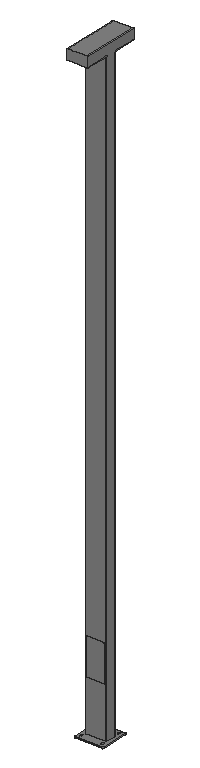
Revit family "Супремус В", category Осветительные приборы, Revit 2019 (continued)
Types (7, lengths in mm): name | Файл фотометрической сетки | built-in parameter 1150105 | Lumens | built-in parameter 1150106 | built-in parameter 1150142 | Wattage | L_общая рассеиватели | ADSK_Фактическая мощность | ADSK_Размер_Высота | ADSK_Номинальная мощность | ADSK_Наименование | ADSK_Масса_Текст | ADSK_Масса | ADSK_Артикул | 2
    9 167.6 166.3 164.9 163.6 162.2 160.9 159.6\r\n 158.4 156.9 155.3 153.8 152.3 150.8 149.5 148.4 147.2 146.2 145.2 144.2 143.1 142.3 141.4 140.4 139.4 138.2 136.9 135.7 134.5\r\n 133.3 132.3 131.3 130.2 129.1 127.8 126.6 125.4 124.3 123.1 122.1 121.3 120.5 119.4 118.6 117.4 116.3 115.5 114.8 113.8 112.6\r\n 111.3 110.4 109.6 108.6 107.7 106.9 106.0 105.5 104.9 104.6 104.3 104.1 104.1 104.0 103.9 103.6 103.2 102.8 102.5 102.1 101.8\r\n 101.6 100.7 99.9 99.2 98.5 97.9 97.3 96.6 96.0 95.2 94.2 93.2 92.3 91.4 90.5 89.5 88.4 87.4 86.4 84.6 82.3 79.4 76.2 72.5 68.8\r\n 63.9 58.9 53.9 49.1 44.6 41.1 38.1 35.7 33.9 32.4 30.9 29.7 28.7 27.8 26.9 26.0 25.2 24.5 23.5 22.0 20.6 19.1 17.6 16.3 14.8 13.4\r\n 11.8 10.0 8.4 7.0 6.0 5.3 4.6 3.9 3.4 3.0 2.8 2.8 2.7 2.4 2.4 2.3 2.1 1.9 1.6 1.4 1.3 1.2 1.2 1.2 0.0 0.0 0.0 0.0 0.0 0.0 0.0 0.0\r\n 0.0 0.0 0.0 0.0 0.0 0.0 0.0 0.0 0.0 0.0 0.0 0.0 0.0 0.0 0.0 0.0 0.0 0.0 0.0 0.0 0.0 0.0 0.0 0.0 0.0 0.0 0.0 0.0 0.0 0.0 0.0 0.0\r\n 0.0 0.0 0.0 0.0 0.0 0.0 0.0 0.0 0.0 0.0 0.0 0.0 0.0 0.0 0.0 0.0 0.0 0.0 0.0 0.0 0.0 0.0 0.0 0.0 0.0 0.0 0.0 0.0 0.0 0.0 0.0 0.0\r\n 0.0 0.0 0.0 0.0 0.0 0.0 0.0 0.0 0.0 0.0 0.0 0.0 0.0 0.0 0.0 0.0 0.0 0.0 0.0 0.0 0.0 0.0 0.0 0.0 0.0 0.0 0.0 0.0 0.0 0.0 0.0 0.0\r\n 0.0 0.0 0.0 0.0 0.0 0.0 0.0 0.0 0.0 0.0 0.0 0.0 0.0 0.0 0.0 0.0 0.0 0.0 0.0 0.0 0.0 0.0 0.0 0.0 0.0 0.0 0.0 0.0 0.0 0.0 0.0 0.0\r\n 0.0 0.0 0.0 0.0 0.0 0.0 0.0 0.0 0.0 0.0 0.0 0.0 0.0 0.0 0.0 0.0 0.0 0.0 0.0 0.0 0.0 0.0 0.0 0.0\r\n275.6 274.0 272.2 270.5 268.9 267.2 265.4 263.7 261.8 260.0 257.9 255.9 254.1 252.2 250.0 247.8 245.6 243.1 240.5 237.7 234.8\r\n 231.6 228.5 225.4 222.5 219.7 217.2 214.8 212.3 210.3 208.3 206.2 204.1 201.7 199.5 197.4 195.0 192.7 190.5 188.3 186.2 184.1\r\n 181.8 179.4 177.1 174.8 172.1 169.7 167.3 164.9 162.4 160.0 157.8 155.6 153.5 151.8 150.0 148.4 146.5 144.7 143.3 141.6 140.0\r\n 138.4 136.7 134.7 132.9 131.1 129.7 128.3 127.2 125.6 124.2 122.7 121.5 120.2 118.8 117.5 116.2 115.0 113.5 112.2 110.6 108.9\r\n 107.3 105.5 103.8 102.1 100.6 99.2 97.7 96.1 94.7 93.1 91.6 89.9 88.3 87.0 85.6 84.3 83.2 82.1 80.8 79.4 78.3 77.4 76.8 75.8 74.8\r\n 74.2 73.8 73.5 72.9 72.6 72.2 71.6 70.9 70.4 69.9 69.8 69.9 70.2 70.1 69.4 69.0 68.4 68.1 67.7 67.3 66.9 66.5 66.0 65.5 65.0 64.8\r\n 64.6 64.6 64.6 64.6 64.6 64.8 65.4 65.5 65.2 66.0 67.4 69.0 70.6 71.6 72.0 71.5 70.5 68.3 66.3 63.0 59.2 54.6 50.4 46.8 43.3 40.0\r\n 37.1 34.8 33.0 31.2 29.6 28.3 27.0 25.3 23.2 21.0 19.2 17.4 15.9 14.6 13.4 11.7 9.8 8.5 7.4 6.7 6.1 5.4 4.8 4.5 4.1 4.1 4.3 3.7\r\n 3.3 2.8 2.6 2.4 2.3 2.1 2.0 1.7 1.5 1.3 1.2 1.2 0.0 0.0 0.0 0.0 0.0 0.0 0.0 0.0 0.0 0.0 0.0 0.0 0.0 0.0 0.0 0.0 0.0 0.0 0.0 0.0\r\n 0.0 0.0 0.0 0.0 0.0 0.0 0.0 0.0 0.0 0.0 0.0 0.0 0.0 0.0 0.0 0.0 0.0 0.0 0.0 0.0 0.0 0.0 0.0 0.0 0.0 0.0 0.0 0.0 0.0 0.0 0.0 0.0\r\n 0.0 0.0 0.0 0.0 0.0 0.0 0.0 0.0 0.0 0.0 0.0 0.0 0.0 0.0 0.0 0.0 0.0 0.0 0.0 0.0 0.0 0.0 0.0 0.0 0.0 0.0 0.0 0.0 0.0 0.0 0.0 0.0\r\n 0.0 0.0 0.0 0.0 0.0 0.0 0.0 0.0 0.0 0.0 0.0 0.0 0.0 0.0 0.0 0.0 0.0 0.0 0.0 0.0 0.0 0.0 0.0 0.0 0.0 0.0 0.0 0.0 0.0 0.0 0.0 0.0\r\n 0.0 0.0 0.0 0.0 0.0 0.0 0.0 0.0 0.0 0.0 0.0 0.0 0.0 0.0 0.0 0.0 0.0 0.0 0.0 0.0 0.0 0.0 0.0 0.0 0.0 0.0 0.0 0.0 0.0 0.0 0.0 0.0\r\n 0.0 0.0 0.0 0.0 0.0 0.0 0.0 0.0 0.0 0.0 0.0 0.0\r\n275.6 273.8 271.9 270.1 268.3 266.4 264.5 262.7 260.5 258.5 256.5 254.5 252.3 250.1 247.8 245.3 242.5 239.6 236.4 233.1 229.7\r\n 226.3 223.1 220.1 217.3 215.0 212.7 210.3 207.8 205.3 202.8 200.0 197.4 194.5 192.0 189.6 187.4 184.8 182.1 179.8 177.1 174.4\r\n 171.5 168.6 165.4 162.4 159.2 156.1 153.1 150.4 147.7 145.4 143.3 141.2 139.4 137.4 135.6 133.9 132.4 131.1 129.6 128.1 126.6\r\n 124.8 122.9 120.9 119.1 117.2 115.3 113.2 111.1 109.1 106.9 104.7 102.3 99.8 97.6 95.3 93.2 91.0 88.9 86.8 84.8 82.8 80.9 79.0\r\n 77.2 75.4 73.6 71.8 69.9 68.3 66.3 64.4 62.5 60.8 59.2 57.8 56.4 55.2 54.2 53.3 52.4 51.5 50.9 50.4 50.0 49.5 49.0 48.8 48.5 47.7\r\n 47.1 46.8 46.8 46.7 46.7 46.8 46.8 46.3 45.7 45.2 44.5 43.9 43.4 42.9 42.4 42.0 41.7 41.4 41.1 41.1 41.1 41.4 41.6 41.8 42.2 43.1\r\n 44.5 45.8 46.8 48.9 51.1 53.6 55.4 56.8 57.8 57.5 56.5 55.1 53.9 52.9 52.0 51.1 49.9 48.5 47.3 46.3 44.9 42.9 40.6 38.1 35.7 33.2\r\n 30.2 27.6 25.5 23.6 21.9 20.4 18.9 17.6 16.4 15.1 13.8 12.0 10.6 9.8 8.8 7.5 6.6 5.9 5.4 4.9 4.6 4.7 4.5 4.1 3.9 3.3 2.8 2.6 2.5\r\n 2.5 2.5 2.3 2.2 1.7 1.6 1.4 1.3 0.0 0.0 0.0 0.0 0.0 0.0 0.0 0.0 0.0 0.0 0.0 0.0 0.0 0.0 0.0 0.0 0.0 0.0 0.0 0.0 0.0 0.0 0.0 0.0\r\n 0.0 0.0 0.0 0.0 0.0 0.0 0.0 0.0 0.0 0.0 0.0 0.0 0.0 0.0 0.0 0.0 0.0 0.0 0.0 0.0 0.0 0.0 0.0 0.0 0.0 0.0 0.0 0.0 0.0 0.0 0.0 0.0\r\n 0.0 0.0 0.0 0.0 0.0 0.0 0.0 0.0 0.0 0.0 0.0 0.0 0.0 0.0 0.0 0.0 0.0 0.0 0.0 0.0 0.0 0.0 0.0 0.0 0.0 0.0 0.0 0.0 0.0 0.0 0.0 0.0\r\n 0.0 0.0 0.0 0.0 0.0 0.0 0.0 0.0 0.0 0.0 0.0 0.0 0.0 0.0 0.0 0.0 0.0 0.0 0.0 0.0 0.0 0.0 0.0 0.0 0.0 0.0 0.0 0.0 0.0 0.0 0.0 0.0\r\n 0.0 0.0 0.0 0.0 0.0 0.0 0.0 0.0 0.0 0.0 0.0 0.0 0.0 0.0 0.0 0.0 0.0 0.0 0.0 0.0 0.0 0.0 0.0 0.0 0.0 0.0 0.0 0.0 0.0 0.0 0.0 0.0\r\n 0.0 0.0 0.0 0.0 0.0 0.0 0.0 0.0\r\n275.6 273.8 271.8 269.8 267.8 265.9 263.8 261.8 259.7 257.5 255.3 253.1 250.9 248.4 245.9 243.0 239.8 236.4 232.8 229.1 225.7\r\n 222.4 219.4 216.6 214.2 211.9 209.2 206.4 203.4 200.3 197.3 194.4 191.5 188.7 185.9 182.9 180.1 177.2 174.4 171.1 167.9 164.7\r\n 161.4 157.7 154.3 150.9 147.8 144.8 142.0 139.4 136.8 134.5 132.3 130.4 128.9 127.5 126.3 124.6 122.9 121.3 119.5 117.5 115.3\r\n 113.0 110.9 108.7 106.7 104.4 102.1 99.6 97.1 94.6 92.1 89.6 87.2 84.8 82.4 80.1 77.8 75.5 73.3 71.0 68.9 66.9 65.0 63.1 61.3\r\n 59.4 57.6 55.7 53.9 52.0 50.2 48.5 46.8 45.2 43.8 42.6 41.5 40.5 39.8 39.3 38.7 38.2 37.8 37.4 36.9 36.5 36.1 35.8 35.5 35.2 34.8\r\n 34.5 34.6 34.6 33.7 32.8 32.3 31.7 31.0 30.6 30.1 29.7 29.1 28.5 28.3 28.0 28.0 28.2 28.6 29.1 30.2 32.0 34.3 36.8 39.1 41.0 42.2\r\n 43.6 44.9 45.4 45.3 44.3 43.3 42.8 42.2 41.3 39.9 38.4 37.5 37.1 37.0 36.5 35.9 35.0 34.7 34.6 34.2 33.4 32.1 30.8 29.4 28.1 26.9\r\n 25.7 24.4 22.8 21.4 20.3 19.0 17.9 16.6 15.4 13.6 12.1 11.1 10.4 9.6 8.7 8.1 7.3 6.6 6.1 6.1 6.1 5.8 5.3 4.9 4.3 3.9 3.4 3.3 3.2\r\n 3.1 3.0 2.8 2.5 1.9 1.7 1.5 0.0 0.0 0.0 0.0 0.0 0.0 0.0 0.0 0.0 0.0 0.0 0.0 0.0 0.0 0.0 0.0 0.0 0.0 0.0 0.0 0.0 0.0 0.0 0.0 0.0\r\n 0.0 0.0 0.0 0.0 0.0 0.0 0.0 0.0 0.0 0.0 0.0 0.0 0.0 0.0 0.0 0.0 0.0 0.0 0.0 0.0 0.0 0.0 0.0 0.0 0.0 0.0 0.0 0.0 0.0 0.0 0.0 0.0\r\n 0.0 0.0 0.0 0.0 0.0 0.0 0.0 0.0 0.0 0.0 0.0 0.0 0.0 0.0 0.0 0.0 0.0 0.0 0.0 0.0 0.0 0.0 0.0 0.0 0.0 0.0 0.0 0.0 0.0 0.0 0.0 0.0\r\n 0.0 0.0 0.0 0.0 0.0 0.0 0.0 0.0 0.0 0.0 0.0 0.0 0.0 0.0 0.0 0.0 0.0 0.0 0.0 0.0 0.0 0.0 0.0 0.0 0.0 0.0 0.0 0.0 0.0 0.0 0.0 0.0\r\n 0.0 0.0 0.0 0.0 0.0 0.0 0.0 0.0 0.0 0.0 0.0 0.0 0.0 0.0 0.0 0.0 0.0 0.0 0.0 0.0 0.0 0.0 0.0 0.0 0.0 0.0 0.0 0.0 0.0 0.0 0.0 0.0\r\n 0.0 0.0 0.0 0.0 0.0 0.0 0.0\r\n275.6 273.7 271.5 269.3 267.2 265.1 262.9 260.7 258.5 256.4 254.1 251.7 249.3 246.7 243.6 240.3 236.7 232.7 228.9 225.4 222.1\r\n 219.0 216.4 213.9 211.2 208.3 205.2 201.9 198.5 195.2 192.1 189.0 185.9 182.8 179.5 176.2 172.6 169.2 165.6 161.8 157.9 154.1\r\n 150.4 147.0 143.9 140.9 138.0 135.3 132.8 130.5 128.6 126.9 125.4 123.7 121.9 120.2 118.2 116.3 114.3 112.0 109.5 107.0 104.2\r\n 101.3 98.7 95.9 93.3 90.8 88.3 86.0 83.7 81.6 79.5 77.4 75.3 73.3 71.2 69.1 67.2 65.3 63.4 61.6 59.8 58.0 56.2 54.3 52.4 50.6\r\n 48.7 46.9 45.3 43.7 42.1 40.7 39.6 38.7 37.8 37.2 36.7 36.3 36.0 35.8 35.6 35.3 35.0 34.7 34.3 34.1 33.9 33.4 33.0 33.0 33.1 33.0\r\n 32.2 31.1 30.0 29.1 28.3 27.7 27.2 26.7 26.4 26.3 26.4 26.5 26.8 27.7 29.1 31.0 32.8 35.1 37.8 41.2 43.8 44.9 43.8 43.4 42.9 42.6\r\n 42.3 41.8 40.4 39.2 38.8 37.8 37.2 36.2 35.5 34.6 33.5 33.1 32.9 32.3 31.7 31.3 30.9 30.8 30.6 30.5 29.5 28.4 27.2 26.4 25.6 25.0\r\n 24.3 23.1 22.1 20.9 19.8 18.8 17.8 15.9 14.4 13.3 12.5 11.6 10.7 9.7 8.9 8.1 7.5 7.4 7.7 7.4 7.0 6.2 5.9 5.3 4.9 4.4 4.1 3.9 3.7\r\n 3.6 3.5 3.4 3.0 2.0 1.9 0.0 0.0 0.0 0.0 0.0 0.0 0.0 0.0 0.0 0.0 0.0 0.0 0.0 0.0 0.0 0.0 0.0 0.0 0.0 0.0 0.0 0.0 0.0 0.0 0.0 0.0\r\n 0.0 0.0 0.0 0.0 0.0 0.0 0.0 0.0 0.0 0.0 0.0 0.0 0.0 0.0 0.0 0.0 0.0 0.0 0.0 0.0 0.0 0.0 0.0 0.0 0.0 0.0 0.0 0.0 0.0 0.0 0.0 0.0\r\n 0.0 0.0 0.0 0.0 0.0 0.0 0.0 0.0 0.0 0.0 0.0 0.0 0.0 0.0 0.0 0.0 0.0 0.0 0.0 0.0 0.0 0.0 0.0 0.0 0.0 0.0 0.0 0.0 0.0 0.0 0.0 0.0\r\n 0.0 0.0 0.0 0.0 0.0 0.0 0.0 0.0 0.0 0.0 0.0 0.0 0.0 0.0 0.0 0.0 0.0 0.0 0.0 0.0 0.0 0.0 0.0 0.0 0.0 0.0 0.0 0.0 0.0 0.0 0.0 0.0\r\n 0.0 0.0 0.0 0.0 0.0 0.0 0.0 0.0 0.0 0.0 0.0 0.0 0.0 0.0 0.0 0.0 0.0 0.0 0.0 0.0 0.0 0.0 0.0 0.0 0.0 0.0 0.0 0.0 0.0 0.0 0.0 0.0\r\n 0.0 0.0 0.0 0.0 0.0 0.0\r\n275.6 273.5 271.2 269.1 266.8 264.5 262.4 260.1 257.8 255.4 253.0 250.6 248.0 245.0 241.9 238.1 234.1 230.1 226.3 222.9 219.9\r\n 217.1 214.4 211.4 208.4 205.1 201.6 198.2 194.6 191.2 187.9 184.5 181.2 177.8 173.8 170.1 166.2 162.1 157.8 153.6 149.6 146.0\r\n 142.5 139.3 136.4 133.4 130.8 128.6 126.8 124.9 123.0 121.3 119.4 117.4 115.6 113.7 111.6 109.3 106.7 103.7 100.5 97.2 94.0 90.8\r\n 88.0 85.5 83.1 80.7 78.5 76.5 74.7 72.8 71.0 69.1 67.1 65.2 63.2 61.5 59.7 57.9 56.0 54.2 52.5 51.0 49.3 47.7 46.2 44.8 43.4 42.2\r\n 41.0 39.8 38.7 38.0 37.3 36.8 36.3 36.0 35.8 35.9 35.9 35.6 35.5 35.3 35.0 34.7 34.6 34.0 33.6 33.7 33.8 33.7 32.9 31.7 30.7 30.0\r\n 29.5 28.8 28.4 28.0 28.0 28.0 28.2 28.8 29.7 31.0 32.7 34.7 37.4 40.0 42.5 45.1 46.5 45.5 44.3 43.2 43.1 43.3 43.8 44.2 44.0 43.2\r\n 42.7 42.6 42.1 41.4 40.8 39.8 39.1 38.4 38.0 37.8 37.5 36.9 36.1 35.2 34.7 34.4 34.3 34.4 33.8 32.6 31.3 29.6 28.5 27.9 26.7 25.7\r\n 24.2 23.0 21.9 20.9 18.8 16.3 15.0 14.2 13.2 12.3 11.5 10.6 9.9 9.2 8.6 8.7 8.8 8.2 7.7 6.9 6.6 6.0 5.8 5.3 4.8 4.6 4.2 4.1 4.1\r\n 3.9 3.9 3.2 2.3 0.0 0.0 0.0 0.0 0.0 0.0 0.0 0.0 0.0 0.0 0.0 0.0 0.0 0.0 0.0 0.0 0.0 0.0 0.0 0.0 0.0 0.0 0.0 0.0 0.0 0.0 0.0 0.0\r\n 0.0 0.0 0.0 0.0 0.0 0.0 0.0 0.0 0.0 0.0 0.0 0.0 0.0 0.0 0.0 0.0 0.0 0.0 0.0 0.0 0.0 0.0 0.0 0.0 0.0 0.0 0.0 0.0 0.0 0.0 0.0 0.0\r\n 0.0 0.0 0.0 0.0 0.0 0.0 0.0 0.0 0.0 0.0 0.0 0.0 0.0 0.0 0.0 0.0 0.0 0.0 0.0 0.0 0.0 0.0 0.0 0.0 0.0 0.0 0.0 0.0 0.0 0.0 0.0 0.0\r\n 0.0 0.0 0.0 0.0 0.0 0.0 0.0 0.0 0.0 0.0 0.0 0.0 0.0 0.0 0.0 0.0 0.0 0.0 0.0 0.0 0.0 0.0 0.0 0.0 0.0 0.0 0.0 0.0 0.0 0.0 0.0 0.0\r\n 0.0 0.0 0.0 0.0 0.0 0.0 0.0 0.0 0.0 0.0 0.0 0.0 0.0 0.0 0.0 0.0 0.0 0.0 0.0 0.0 0.0 0.0 0.0 0.0 0.0 0.0 0.0 0.0 0.0 0.0 0.0 0.0\r\n 0.0 0.0 0.0 0.0\r\n275.6 273.4 271.1 268.8 266.6 264.1 261.9 259.6 257.1 254.7 252.1 249.6 246.8 243.5 239.9 235.9 231.6 227.6 223.9 220.8 217.9\r\n 215.3 212.2 208.9 205.5 201.8 198.2 194.8 191.1 187.4 183.7 180.1 176.2 172.3 168.2 163.8 159.1 154.5 150.3 146.3 142.7 139.3\r\n 136.2 133.1 130.4 128.1 125.8 123.8 121.9 119.7 117.7 115.7 113.7 111.8 109.5 107.0 104.4 101.2 98.0 94.8 91.7 88.6 85.6 82.9\r\n 80.5 78.3 76.1 74.1 72.2 70.4 68.5 66.6 64.6 62.7 60.7 59.0 57.3 55.6 53.8 52.2 50.5 49.0 47.5 46.1 44.7 43.4 42.2 41.0 39.9 38.8\r\n 37.9 37.0 36.6 36.2 35.8 35.6 35.5 35.6 35.7 35.7 35.7 35.9 35.8 35.6 35.5 35.2 35.0 35.0 34.9 34.6 34.0 33.0 32.0 31.2 30.6 30.0\r\n 29.5 29.3 29.1 29.3 29.7 30.5 31.8 33.3 34.7 36.8 39.2 41.8 44.0 45.9 47.4 48.4 47.9 47.1 47.0 47.4 48.0 48.5 48.6 48.5 48.4 48.0\r\n 48.1 47.9 47.2 46.3 45.2 43.9 42.7 41.8 41.1 40.4 39.6 38.8 38.3 37.8 37.4 36.9 36.5 36.2 35.2 33.7 32.5 31.3 30.2 29.0 28.4 26.9\r\n 25.6 24.5 23.6 21.7 19.2 17.4 16.2 15.1 14.1 13.1 12.1 11.1 10.1 9.6 9.7 9.4 9.2 8.5 7.9 7.4 7.1 6.5 6.3 6.3 5.8 5.4 5.1 4.8 4.7\r\n 4.5 4.4 4.3 3.0 0.0 0.0 0.0 0.0 0.0 0.0 0.0 0.0 0.0 0.0 0.0 0.0 0.0 0.0 0.0 0.0 0.0 0.0 0.0 0.0 0.0 0.0 0.0 0.0 0.0 0.0 0.0 0.0\r\n 0.0 0.0 0.0 0.0 0.0 0.0 0.0 0.0 0.0 0.0 0.0 0.0 0.0 0.0 0.0 0.0 0.0 0.0 0.0 0.0 0.0 0.0 0.0 0.0 0.0 0.0 0.0 0.0 0.0 0.0 0.0 0.0\r\n 0.0 0.0 0.0 0.0 0.0 0.0 0.0 0.0 0.0 0.0 0.0 0.0 0.0 0.0 0.0 0.0 0.0 0.0 0.0 0.0 0.0 0.0 0.0 0.0 0.0 0.0 0.0 0.0 0.0 0.0 0.0 0.0\r\n 0.0 0.0 0.0 0.0 0.0 0.0 0.0 0.0 0.0 0.0 0.0 0.0 0.0 0.0 0.0 0.0 0.0 0.0 0.0 0.0 0.0 0.0 0.0 0.0 0.0 0.0 0.0 0.0 0.0 0.0 0.0 0.0\r\n 0.0 0.0 0.0 0.0 0.0 0.0 0.0 0.0 0.0 0.0 0.0 0.0 0.0 0.0 0.0 0.0 0.0 0.0 0.0 0.0 0.0 0.0 0.0 0.0 0.0 0.0 0.0 0.0 0.0 0.0 0.0 0.0\r\n 0.0 0.0 0.0 0.0\r\n275.6 273.4 270.9 268.6 266.3 263.8 261.4 259.0 256.7 254.0 251.6 248.9 245.7 242.4 238.5 234.3 230.1 226.0 222.6 219.5 216.9\r\n 213.8 210.6 207.1 203.3 199.5 195.9 192.3 188.5 184.6 180.8 176.7 172.6 168.3 163.5 158.7 153.9 149.6 145.3 141.7 138.2 134.8\r\n 131.9 129.3 127.2 124.8 122.4 120.0 117.7 115.5 113.4 111.1 108.9 106.6 103.8 100.9 97.8 94.7 91.5 88.5 85.5 82.5 79.7 77.4 75.2\r\n 73.3 71.4 69.5 67.6 65.7 63.9 62.0 60.2 58.5 56.8 55.2 53.6 52.0 50.5 49.1 47.6 46.3 45.0 43.7 42.4 41.4 40.2 39.1 38.1 37.2 36.6\r\n 36.2 36.0 35.9 35.9 35.9 35.9 35.8 35.8 36.1 36.3 36.2 36.0 35.9 35.8 35.9 35.5 35.3 35.1 34.5 33.6 32.7 32.0 31.3 30.8 30.4 30.2\r\n 30.3 30.7 31.3 32.0 32.8 33.4 34.6 36.4 38.5 41.2 44.2 47.3 49.9 52.2 53.0 52.6 52.5 53.0 53.8 54.6 54.8 54.7 54.2 53.8 53.2 52.6\r\n 51.4 50.2 48.7 46.9 45.6 44.9 44.2 43.7 43.1 42.8 42.3 41.8 41.4 40.5 39.3 38.5 37.8 36.9 35.5 34.2 32.9 31.8 30.9 29.8 28.1 26.7\r\n 25.4 23.7 21.0 18.2 16.7 15.7 14.5 13.5 12.6 11.7 11.0 10.2 10.1 10.1 10.1 9.8 9.1 8.2 7.5 7.5 6.9 7.2 7.3 6.6 6.1 5.7 5.4 5.2\r\n 5.0 4.9 4.8 4.3 0.0 0.0 0.0 0.0 0.0 0.0 0.0 0.0 0.0 0.0 0.0 0.0 0.0 0.0 0.0 0.0 0.0 0.0 0.0 0.0 0.0 0.0 0.0 0.0 0.0 0.0 0.0 0.0\r\n 0.0 0.0 0.0 0.0 0.0 0.0 0.0 0.0 0.0 0.0 0.0 0.0 0.0 0.0 0.0 0.0 0.0 0.0 0.0 0.0 0.0 0.0 0.0 0.0 0.0 0.0 0.0 0.0 0.0 0.0 0.0 0.0\r\n 0.0 0.0 0.0 0.0 0.0 0.0 0.0 0.0 0.0 0.0 0.0 0.0 0.0 0.0 0.0 0.0 0.0 0.0 0.0 0.0 0.0 0.0 0.0 0.0 0.0 0.0 0.0 0.0 0.0 0.0 0.0 0.0\r\n 0.0 0.0 0.0 0.0 0.0 0.0 0.0 0.0 0.0 0.0 0.0 0.0 0.0 0.0 0.0 0.0 0.0 0.0 0.0 0.0 0.0 0.0 0.0 0.0 0.0 0.0 0.0 0.0 0.0 0.0 0.0 0.0\r\n 0.0 0.0 0.0 0.0 0.0 0.0 0.0 0.0 0.0 0.0 0.0 0.0 0.0 0.0 0.0 0.0 0.0 0.0 0.0 0.0 0.0 0.0 0.0 0.0 0.0 0.0 0.0 0.0 0.0 0.0 0.0 0.0\r\n 0.0 0.0 0.0 0.0\r\n275.6 273.1 271.0 268.4 266.0 263.6 261.0 258.8 256.1 253.4 250.9 248.0 244.7 241.1 237.0 232.6 228.4 224.7 221.3 218.4 215.6\r\n 212.4 208.9 205.2 201.2 197.6 193.6 189.9 186.1 182.1 177.6 173.4 168.5 163.8 158.8 154.1 149.5 145.2 141.4 137.8 134.4 131.4\r\n 128.6 126.2 123.8 121.5 119.1 116.9 114.5 112.2 109.6 107.1 104.4 101.6 98.9 95.9 93.0 89.8 86.8 83.8 80.9 78.2 75.7 73.4 71.4\r\n 69.4 67.3 65.3 63.3 61.5 59.8 58.1 56.5 55.0 53.4 51.9 50.5 49.0 47.7 46.4 45.2 44.0 42.8 41.8 40.8 39.8 38.9 38.0 37.3 36.8 36.4\r\n 36.3 36.2 36.4 36.4 36.2 36.1 36.4 36.8 37.0 36.8 36.8 36.7 36.5 36.3 36.0 36.0 35.9 35.3 34.5 33.7 33.0 32.2 31.6 31.5 31.3 31.5\r\n 31.7 32.1 32.5 32.9 33.7 34.8 36.7 39.1 41.9 46.0 49.7 53.2 56.2 58.0 58.5 59.2 60.2 61.0 61.4 61.0 60.2 59.3 58.6 58.1 56.5 55.1\r\n 53.9 52.4 50.7 49.5 48.7 47.6 46.8 46.3 45.7 45.1 44.3 43.4 42.5 41.5 40.7 40.0 39.2 37.8 36.3 34.6 33.3 31.9 30.5 28.9 27.6 26.6\r\n 25.0 22.4 19.1 16.9 15.7 14.7 13.8 12.9 12.2 11.4 10.6 10.1 9.9 9.7 9.9 9.4 8.6 8.0 7.3 7.2 6.7 7.3 7.5 6.7 6.5 5.9 5.3 5.0 4.9\r\n 4.9 5.0 5.0 0.0 0.0 0.0 0.0 0.0 0.0 0.0 0.0 0.0 0.0 0.0 0.0 0.0 0.0 0.0 0.0 0.0 0.0 0.0 0.0 0.0 0.0 0.0 0.0 0.0 0.0 0.0 0.0 0.0\r\n 0.0 0.0 0.0 0.0 0.0 0.0 0.0 0.0 0.0 0.0 0.0 0.0 0.0 0.0 0.0 0.0 0.0 0.0 0.0 0.0 0.0 0.0 0.0 0.0 0.0 0.0 0.0 0.0 0.0 0.0 0.0 0.0\r\n 0.0 0.0 0.0 0.0 0.0 0.0 0.0 0.0 0.0 0.0 0.0 0.0 0.0 0.0 0.0 0.0 0.0 0.0 0.0 0.0 0.0 0.0 0.0 0.0 0.0 0.0 0.0 0.0 0.0 0.0 0.0 0.0\r\n 0.0 0.0 0.0 0.0 0.0 0.0 0.0 0.0 0.0 0.0 0.0 0.0 0.0 0.0 0.0 0.0 0.0 0.0 0.0 0.0 0.0 0.0 0.0 0.0 0.0 0.0 0.0 0.0 0.0 0.0 0.0 0.0\r\n 0.0 0.0 0.0 0.0 0.0 0.0 0.0 0.0 0.0 0.0 0.0 0.0 0.0 0.0 0.0 0.0 0.0 0.0 0.0 0.0 0.0 0.0 0.0 0.0 0.0 0.0 0.0 0.0 0.0 0.0 0.0 0.0\r\n 0.0 0.0 0.0\r\n275.6 273.3 270.8 268.4 265.9 263.4 260.8 258.5 255.8 253.2 250.5 247.7 244.4 240.6 236.2 231.9 227.7 223.9 220.7 217.7 214.8\r\n 211.5 208.0 204.2 200.3 196.4 192.6 188.6 184.5 180.5 175.9 171.2 166.1 161.1 156.3 151.6 147.2 143.0 139.3 135.6 132.5 129.6\r\n 126.9 124.3 121.6 119.4 117.1 114.7 112.2 109.6 106.8 103.9 101.0 98.3 95.5 92.7 89.8 86.8 83.9 81.1 78.4 75.9 73.6 71.4 69.2\r\n 67.0 65.0 63.0 61.1 59.3 57.8 56.2 54.7 53.2 51.7 50.3 48.9 47.5 46.3 45.1 44.0 43.0 42.0 41.1 40.2 39.3 38.5 37.7 37.4 37.0 36.7\r\n 36.5 36.6 36.7 36.5 36.4 36.7 37.1 37.4 37.5 37.5 37.4 37.1 36.8 36.3 36.3 36.6 36.3 35.9 35.0 34.4 33.6 32.9 32.7 32.4 32.3 32.4\r\n 32.3 32.6 33.2 33.9 34.9 36.3 38.3 41.0 44.5 48.9 53.2 57.3 60.8 63.7 65.2 66.7 67.9 68.2 67.4 66.2 64.5 62.8 61.5 60.8 59.2 57.1\r\n 55.4 54.3 53.6 52.6 51.7 50.5 50.0 49.3 48.5 47.6
